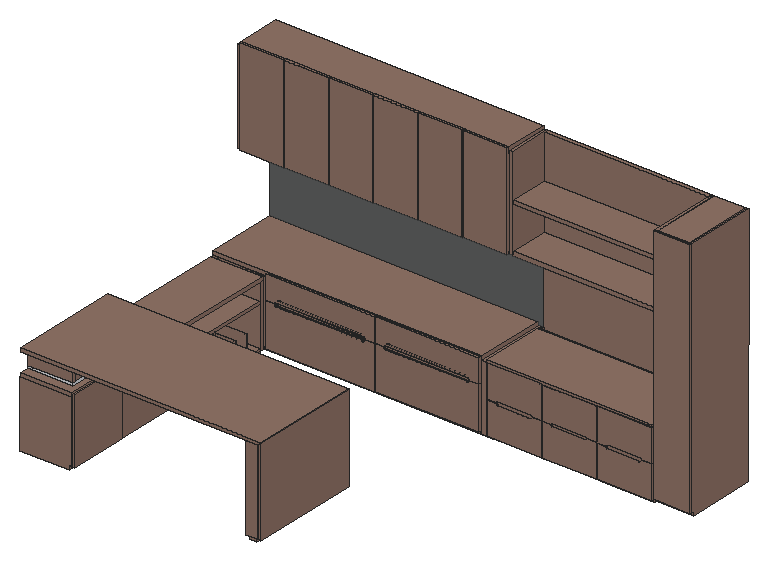
Revit family "T100020", category Furniture, Revit 2022 (continued)
Definition of nested family "OFS SLATE WALLMOUNT PANEL WITH SHELF VENEER PARTIAL HEIGHT C"
  Forms (in)
    Extrusion 1, solid, material <- "Chasis"
      sketch origin (0, 0, 0) x (1, 0, 0) y (0, 1, 0)
        loop
          line (-27, 12) -> (-27, 10.8125) -> (27, 10.8125) -> (27, 12) -> (-27, 12)
      from 22 to 80.6875
    Extrusion 2, solid, material <- "Chasis"
      sketch origin (0, 4.875, 0) x (1, 0, 0) y (0, 0, 1)
        loop
          line (-27, 51.375) -> (-27, 50.1875) -> (25, 50.1875) -> (25, 51.375) -> (-27, 51.375)
      from -5.9375 to 7.125
    Extrusion 3, solid, material <- "Chasis", visible <- "C6J"
      sketch origin (-1.04587, 4.875, 11.95434) x (1, 0, 0) y (0, 0, 1)
        loop
          line (-25.95413, 54.48316) -> (-25.95413, 53.29566) -> (26.04587, 53.29566) -> (26.04587, 54.48316) -> (-25.95413, 54.48316)
      from -5.9375 to 7.125
  Dimensions and locks (in)
    equal spacing: plane 5 "Front", plane 1 "Center Front/Back", plane 4 "Back"
    "Depth": plane 4 "Back" to plane 5 "Front"
    equal spacing: plane 6 "Left", plane 3 "Center Left/Right", plane 7 "Right"
    "Width": plane 6 "Left" to plane 7 "Right"
    "Back Board Thickness": plane 10 to plane 4 "Back"
    "Height From Floor": plane 9 to plane 2 "Bottom"
    "Height": plane 8 to plane 9
    "Left Gap": plane 13 to plane 6 "Left"
    "Right Gap": plane 14 to plane 7 "Right"
    locked: plane 15 to plane 16 at 1.1875
    "SH1": plane 8 to plane 15
    locked: plane 11 to plane 12 at 1.1875
    "SH2": plane 8 to plane 11
    aligned and locked: level to plane 2 "Bottom"
    aligned and locked: plane 4 "Back" to Extrusion 1 sketch curve
    aligned and locked: Extrusion 1 sketch curve to plane 10
    aligned and locked: Extrusion 1 to plane 7 "Right"
    aligned and locked: Extrusion 1 to plane 6 "Left"
    aligned and locked: plane 8 to Extrusion 1
    aligned and locked: Extrusion 1 to plane 9
    aligned and locked: Extrusion 2 to plane 12
    aligned and locked: plane 11 to Extrusion 2
    aligned and locked: Extrusion 2 to plane 10
    aligned and locked: Extrusion 2 to plane 5 "Front"
    aligned and locked: Extrusion 2 to plane 13
    aligned and locked: Extrusion 2 to plane 14
    aligned and locked: plane 15 to Extrusion 3
    aligned and locked: Extrusion 3 to plane 16
    aligned and locked: Extrusion 3 to plane 13
    aligned and locked: Extrusion 3 to plane 14
    aligned and locked: Extrusion 3 to plane 10
    aligned and locked: Extrusion 3 to plane 5 "Front"
  Automatic sketch dimensions
    Extrusion 1 sketch curve to plane 6 "Left" = 0"
    Extrusion 1 sketch curve to plane 7 "Right" = 0"
    Extrusion 2 sketch curve to plane 12 = 0"
    Extrusion 2 sketch curve to plane 13 = 0"
    plane 7 "Right" to Extrusion 2 sketch curve = 2"
    Extrusion 2 sketch curve to plane 11 = 0"
    plane 6 "Left" to Extrusion 3 sketch curve = 0"
    plane 7 "Right" to Extrusion 3 sketch curve = 2"
    Extrusion 3 sketch curve to plane 16 = 0"
    Extrusion 3 sketch curve to Extrusion 3 sketch curve = 1 3/16"
Definition of nested family "OFS SLATE LOW HEIGHT CONSOLE RETURN"
  Parameters (values of type "Low Height Console Return 78W - Right")
    Width = 78"
    URL = "http://www.ofs.com/"
    Type = 1
    Shelf [instance] = none
    Right = Type = 2  # no
    Length 3 = if(Width = 66", 4.63", if(Width = 72", 5.01", if(Width = 78", 5.39", 4.63")))  # 5.39"
    Length 2 = if(Width = 66", 8.53", if(Width = 72", 9.28", if(Width = 78", 10.03", 8.53")))  # 10.03"
    Length 1 = if(Width = 66", 12.41", if(Width = 72", 13.54", if(Width = 78", 14.67", 12.41")))  # 14.67"
    Left = Type = 1  # yes
    Glide [instance] = none
    Door [instance] = none
    Description = "OFS SLATE Low Height Console Return 78W Right Side"
    Model = "CA-7818RCONL-1"
    Manufacturer = "CAROLINA"
    Default Elevation = 0"
    Copyright © = "© 2019 OFS"
    Catalog = "https://ofs.com/products/tables/conference/slate"
    Case [instance] = none
    Bookshelf [instance] = none
    Authoring Version = "Autodesk Revit Architecture 2014"
    Assembly Code = "E2020200"
  Types (6): name | Width | Type | Right | Length 3 | Length 2 | Length 1 | Left | Description | Model
    Low Height Console Return 78W - Right | 78" | 1 | no | 5.39" | 10.03" | 14.67" | yes | "OFS SLATE Low Height Console Return 78W Right Side" | "CA-7818RCONL-1"
    Low Height Console Return 72W - Right | 72" | 1 | no | 5.01" | 9.28" | 13.54" | yes | "OFS SLATE Low Height Console Return 72W Right Side" | "CA-7218RCONL-1"
    Low Height Console Return 66W - Right | 66" | 1 | no | 4.63" | 8.53" | 12.41" | yes | "OFS SLATE Low Height Console Return 66W Right Side" | "CA-6618RCONL-1"
    Low Height Console Return 78W - Left | 78" | 2 | yes | 5.39" | 10.03" | 14.67" | no | "OFS SLATE Low Height Console Return 78W Left Side" | "CA-7818LCONL-1"
    Low Height Console Return 72W - Left | 72" | 2 | yes | 5.01" | 9.28" | 13.54" | no | "OFS SLATE Low Height Console Return 72W Left Side" | "CA-7218LCONL-1"
    Low Height Console Return 66W - Left | 66" | 2 | yes | 4.63" | 8.53" | 12.41" | no | "OFS SLATE Low Height Console Return 66W Left Side" | "CA-6618LCONL-1"
  Reference planes (in)
    plane 1 "Center (Front/Back)": y = 0
    plane 2: z = 0
    plane 3 "Center (Left/Right)": x = 0
    plane 4 "rrr": through (-2.45771, -5.50063, 16.56517) normal (0.0223, 0.0194, 0.9996)
    plane 5: x = -78
    plane 6: x = -39
    plane 7: z = 0.45
    plane 8: z = 23.2
    plane 9 "Face": y = -17
    plane 10: y = -17.08661
    plane 11: y = -17.83661
    plane 12: x = -77.25
    plane 13: x = -0.75
    plane 14: z = 2.45
    plane 15: z = 22.0125
    plane 16: z = 1.7
    plane 17: y = -0.75
    plane 18: z = 16.325
    plane 19: z = 15.575
    plane 20: x = -58.5
    plane 21: x = -39.0625
    plane 22: x = -77.9375
    plane 23: x = -19.6875
    plane 24: x = -0.375
    plane 25: x = -14.67
    plane 26: x = -10.03
    plane 27: x = -5.39
    plane 28 "RFR": x = -1.3909
    plane 29 "RFL": x = -76.6091
    plane 30: x = 78
    plane 31: x = 39
    plane 32: x = 77.25
    plane 33: x = 0.75
    plane 34: x = 58.5
    plane 35: x = 39.0625
    plane 36: x = 77.9375
    plane 37: x = 19.6875
    plane 38: x = 0.375
    plane 39: x = 14.67
    plane 40: x = 10.03
    plane 41: x = 5.39
    plane 42: x = 1.3909
    plane 43 "RF": x = 76.6091
  Forms (in)
    Extrusion 1, solid, material <- "Case", visible <- "Left"
      sketch origin (0, 0, 0) x (0, 1, 0) y (0, 0, 1)
        loop
          line (0, 23.2) -> (-17, 23.2) -> (-17, 22.0125) -> (0, 22.0125) -> (0, 23.2)
      from -78 to 0
    Extrusion 2, solid, material <- "Case", visible <- "Left"
      sketch origin (0, 0, 0) x (0, 1, 0) y (0, 0, 1)
        loop
          line (0, 22.0125) -> (-0.75, 22.0125) -> (-0.75, 1.7) -> (0, 1.7) -> (0, 22.0125)
      from -0.75 to -77.25
    Extrusion 3, solid, material <- "Case", visible <- "Left"
      sketch origin (0, 0, 0) x (0, 1, 0) y (0, 0, 1)
        loop
          line (0, 22.0125) -> (-17, 22.0125) -> (-17, 1.7) -> (-16.125, 1.7) -> (-16.125, 0.45) -> (0, 0.45) -> (0, 22.0125)
      from 0 to -0.75
    Extrusion 4, solid, material <- "Case", visible <- "Left"
      sketch origin (-78, -17, 47.24409) x (0, -1, 0) y (0, 0, 1)
        loop
          line (-17, -25.23159) -> (-17, -46.79409) -> (-0.875, -46.79409) -> (-0.875, -45.54409) -> (0, -45.54409) -> (0, -25.23159) -> (-17, -25.23159)
      from 0 to -0.75
    Extrusion 5, solid, material <- "Case", visible <- "Left"
      sketch origin (0, 0, 0) x (0, 1, 0) y (0, 0, 1)
        loop
          line (0, 1.7) -> (-0.75, 1.7) -> (-0.75, 0.45) -> (0, 0.45) -> (0, 1.7)
        loop
          line (-16.125, 1.7) -> (-16.125, 0.45) -> (-15.375, 0.45) -> (-15.375, 1.7) -> (-16.125, 1.7)
      from -0.75 to -77.25
    Extrusion 6, solid, material <- "Case", visible <- "Left"
      sketch origin (0, 0, 0) x (1, 0, 0) y (0, 1, 0)
        loop
          line (-75.75, -2.25) -> (-75.75, -0.75) -> (-77.25, -0.75) -> (-77.25, -2.25) -> (-75.75, -2.25)
        loop
          line (-75.75, -13.875) -> (-77.25, -13.875) -> (-77.25, -15.375) -> (-75.75, -15.375) -> (-75.75, -13.875)
        loop
          line (-2.25, -2.25) -> (-0.75, -2.25) -> (-0.75, -0.75) -> (-2.25, -0.75) -> (-2.25, -2.25)
        loop
          line (-2.25, -13.875) -> (-2.25, -15.375) -> (-0.75, -15.375) -> (-0.75, -13.875) -> (-2.25, -13.875)
      from 0.45 to 1.7
    Extrusion 7, solid, material <- "Case", visible <- "Left"
      sketch origin (0, 0, 0) x (0, 1, 0) y (0, 0, 1)
        loop
          line (-0.75, 2.45) -> (-17, 2.45) -> (-17, 1.7) -> (-0.75, 1.7) -> (-0.75, 2.45)
      from -0.75 to -77.25
    Extrusion 8, solid, material <- "Case", visible <- "Left"
      sketch origin (0, -17, 0) x (0, 0, -1) y (-1, 0, 0)
        loop
          line (-22.0125, 39.375) -> (-22.0125, 38.625) -> (-2.45, 38.625) -> (-2.45, 39.375) -> (-22.0125, 39.375)
      from 0 to 16.25
    Extrusion 9, solid, material <- "Shelf", visible <- "Left"
      sketch origin (0, -17, 0) x (0, 0, -1) y (-1, 0, 0)
        loop
          line (-16.325, 38.625) -> (-16.325, 0.75) -> (-15.575, 0.75) -> (-15.575, 38.625) -> (-16.325, 38.625)
      from 0 to 16.25
    Extrusion 10, solid, material <- "Door", visible <- "Left"
      sketch origin (0, 0, 0) x (0, 1, 0) y (0, 0, 1)
        loop
          line (-17.83661, 1.7) -> (-17.08661, 1.7) -> (-17.08661, 22.69928) -> (-17.48823, 23.10089) -> (-17.57661, 23.1375) -> (-17.83661, 23.1375) -> (-17.83661, 1.7)
      from -77.9375 to -39.0625
    Sweep 11, void
      path origin (0, -17, 0) x (0, 0, -1) y (-1, 0, 0)
        loop
          line (-23.2, 58.5) -> (-1.7, 58.5)
      profile origin (-58.5, -17, 12.45) x (0, 1, 0) y (-1, 0, 0)
        loop
          line (-0.83661, 0.03125) -> (-0.83661, -0.03125) -> (-0.08661, -0.03125) -> (-0.08661, 0.03125) -> (-0.83661, 0.03125)
    Extrusion 12, solid, material <- "Bookshelf", visible <- "Left"
      sketch origin (0, -17, 0) x (0, 0, -1) y (-1, 0, 0)
        loop
          line (-15.575, 20.0625) -> (-15.575, 19.3125) -> (-2.45, 19.3125) -> (-2.45, 20.0625) -> (-15.575, 20.0625)
      from 0 to 16.25
    Extrusion 13, solid, material <- "Bookshelf", visible <- "Left"
      sketch origin (0, -17, 0) x (0, 0, -1) y (-1, 0, 0)
        loop
          line (-8.45, 14.73438) -> (-8.45, 14.60937) -> (-2.45, 14.60937) -> (-2.45, 14.73438) -> (-8.45, 14.73438)
      from 0.75 to 16.25
    Extrusion 14, solid, material <- "Bookshelf", visible <- "Left"
      sketch origin (0, -17, 0) x (0, 0, -1) y (-1, 0, 0)
        loop
          line (-8.45, 10.09375) -> (-8.45, 9.96875) -> (-2.45, 9.96875) -> (-2.45, 10.09375) -> (-8.45, 10.09375)
      from 0.75 to 16.25
    Extrusion 15, solid, material <- "Bookshelf", visible <- "Left"
      sketch origin (0, -17, 0) x (0, 0, -1) y (-1, 0, 0)
        loop
          line (-8.45, 5.45313) -> (-8.45, 5.32812) -> (-2.45, 5.32812) -> (-2.45, 5.45313) -> (-8.45, 5.45313)
      from 0.75 to 16.25
    Revolve 16, solid, material <- "Glide", visible <- "Left"
      sketch origin (-76.6091, 0, 0) x (0, -1, 0) y (0, 0, 1)
        loop
          line (1.37544, 0) -> (1.62044, 0)
          arc (1.62044, 0) -> (1.74854, 0.10784) -> (1.66411, 0.25244) r 0.13
          line (1.66411, 0.25244) -> (1.66411, 0.45) -> (1.37544, 0.45) -> (1.37544, 0)
        axis (1.37544, 0) -> (1.37544, 0.45)
      angle from 0 to 360
    Revolve 17, solid, material <- "Glide", visible <- "Left"
      sketch origin (-76.6091, -13.37412, 0) x (0, -1, 0) y (0, 0, 1)
        loop
          line (1.37544, 0) -> (1.62044, 0)
          arc (1.62044, 0) -> (1.74854, 0.10784) -> (1.66411, 0.25244) r 0.13
          line (1.66411, 0.25244) -> (1.66411, 0.45) -> (1.37544, 0.45) -> (1.37544, 0)
        axis (1.37544, 0) -> (1.37544, 0.45)
      angle from 0 to 360
    Revolve 18, solid, material <- "Glide", visible <- "Left"
      sketch origin (-1.3909, -1.00234, 47.24409) x (0, -1, 0) y (0, 0, 1)
        loop
          line (0.3731, -47.24409) -> (0.6181, -47.24409)
          arc (0.6181, -47.24409) -> (0.74619, -47.13626) -> (0.66177, -46.99165) r 0.13
          line (0.66177, -46.99165) -> (0.66177, -46.79409) -> (0.3731, -46.79409) -> (0.3731, -47.24409)
        axis (0.3731, -47.24409) -> (0.3731, -46.79409)
      angle from 0 to 360
    Revolve 19, solid, material <- "Glide", visible <- "Left"
      sketch origin (-1.3909, -1.00234, 47.24409) x (0, -1, 0) y (0, 0, 1)
        loop
          line (13.74722, -47.24409) -> (13.99222, -47.24409)
          arc (13.99222, -47.24409) -> (14.12032, -47.13626) -> (14.0359, -46.99165) r 0.13
          line (14.0359, -46.99165) -> (14.0359, -46.79409) -> (13.74722, -46.79409) -> (13.74722, -47.24409)
        axis (13.74722, -47.24409) -> (13.74722, -46.79409)
      angle from 0 to 360
    Extrusion 20, solid, material <- "Door", visible <- "Right"
      sketch origin (0, 0, 0) x (0, 1, 0) y (0, 0, -1)
        loop
          line (-17.83661, -1.7) -> (-17.83661, -23.1375) -> (-17.57661, -23.1375) -> (-17.48823, -23.10089) -> (-17.08661, -22.69928) -> (-17.08661, -1.7) -> (-17.83661, -1.7)
      from -77.9375 to -39.0625
    Extrusion 21, solid, material <- "Case", visible <- "Right"
      sketch origin (0, 0, 0) x (-1, 0, 0) y (0, -1, 0)
        loop
          line (-75.75, 2.25) -> (-77.25, 2.25) -> (-77.25, 0.75) -> (-75.75, 0.75) -> (-75.75, 2.25)
        loop
          line (-75.75, 13.875) -> (-75.75, 15.375) -> (-77.25, 15.375) -> (-77.25, 13.875) -> (-75.75, 13.875)
        loop
          line (-2.25, 2.25) -> (-2.25, 0.75) -> (-0.75, 0.75) -> (-0.75, 2.25) -> (-2.25, 2.25)
        loop
          line (-2.25, 13.875) -> (-0.75, 13.875) -> (-0.75, 15.375) -> (-2.25, 15.375) -> (-2.25, 13.875)
      from 0.45 to 1.7
    Revolve 22, solid, material <- "Glide", visible <- "Right"
      sketch origin (76.6091, 0, 0) x (0, -1, 0) y (0, 0, 1)
        loop
          line (1.37544, 0) -> (1.62044, 0)
          arc (1.62044, 0) -> (1.74854, 0.10784) -> (1.66411, 0.25244) r 0.13
          line (1.66411, 0.25244) -> (1.66411, 0.45) -> (1.37544, 0.45) -> (1.37544, 0)
        axis (1.37544, 0) -> (1.37544, 0.45)
      angle from 0 to 360
    Revolve 23, solid, material <- "Glide", visible <- "Right"
      sketch origin (76.6091, 0, 0) x (0, -1, 0) y (0, 0, 1)
        loop
          line (14.74956, 0) -> (14.99456, 0)
          arc (14.99456, 0) -> (15.12266, 0.10784) -> (15.03824, 0.25244) r 0.13
          line (15.03824, 0.25244) -> (15.03824, 0.45) -> (14.74956, 0.45) -> (14.74956, 0)
        axis (14.74956, 0) -> (14.74956, 0.45)
      angle from 0 to 360
    Revolve 24, solid, material <- "Glide", visible <- "Right"
      sketch origin (1.3909, -1.00234, 47.24409) x (0, -1, 0) y (0, 0, -1)
        loop
          line (0.3731, 47.24409) -> (0.3731, 46.79409) -> (0.66177, 46.79409) -> (0.66177, 46.99165)
          arc (0.66177, 46.99165) -> (0.74619, 47.13626) -> (0.6181, 47.24409) r 0.13
          line (0.6181, 47.24409) -> (0.3731, 47.24409)
        axis (0.3731, 47.24409) -> (0.3731, 46.79409)
      angle from 0 to 360
    Revolve 25, solid, material <- "Glide", visible <- "Right"
      sketch origin (1.3909, -1.00234, 47.24409) x (0, -1, 0) y (0, 0, -1)
        loop
          line (13.74722, 47.24409) -> (13.74722, 46.79409) -> (14.0359, 46.79409) -> (14.0359, 46.99165)
          arc (14.0359, 46.99165) -> (14.12032, 47.13626) -> (13.99222, 47.24409) r 0.13
          line (13.99222, 47.24409) -> (13.74722, 47.24409)
        axis (13.74722, 47.24409) -> (13.74722, 46.79409)
      angle from 0 to 360
    Extrusion 26, solid, material <- "Case", visible <- "Right"
      sketch origin (0, 0, 0) x (0, 1, 0) y (0, 0, -1)
        loop
          line (0, -1.7) -> (0, -0.45) -> (-0.75, -0.45) -> (-0.75, -1.7) -> (0, -1.7)
        loop
          line (-16.125, -1.7) -> (-15.375, -1.7) -> (-15.375, -0.45) -> (-16.125, -0.45) -> (-16.125, -1.7)
      from -0.75 to -77.25
    Extrusion 27, solid, material <- "Case", visible <- "Right"
      sketch origin (0, 0, 0) x (0, 1, 0) y (0, 0, -1)
        loop
          line (0, -22.0125) -> (0, -0.45) -> (-16.125, -0.45) -> (-16.125, -1.7) -> (-17, -1.7) -> (-17, -22.0125) -> (0, -22.0125)
      from 0 to -0.75
    Extrusion 28, solid, material <- "Bookshelf", visible <- "Right"
      sketch origin (0, -17, 0) x (0, 0, -1) y (-1, 0, 0)
        loop
          line (-8.45, -14.73438) -> (-2.45, -14.73438) -> (-2.45, -14.60937) -> (-8.45, -14.60937) -> (-8.45, -14.73438)
      from 0.75 to 16.25
    Extrusion 29, solid, material <- "Bookshelf", visible <- "Right"
      sketch origin (0, -17, 0) x (0, 0, -1) y (-1, 0, 0)
        loop
          line (-8.45, -10.09375) -> (-2.45, -10.09375) -> (-2.45, -9.96875) -> (-8.45, -9.96875) -> (-8.45, -10.09375)
      from 0.75 to 16.25
    Extrusion 30, solid, material <- "Bookshelf", visible <- "Right"
      sketch origin (0, -17, 0) x (0, 0, -1) y (-1, 0, 0)
        loop
          line (-8.45, -5.45313) -> (-2.45, -5.45313) -> (-2.45, -5.32812) -> (-8.45, -5.32812) -> (-8.45, -5.45313)
      from 0.75 to 16.25
    Extrusion 31, solid, material <- "Case", visible <- "Right"
      sketch origin (0, -17, 0) x (0, 0, -1) y (-1, 0, 0)
        loop
          line (-22.0125, -39.375) -> (-2.45, -39.375) -> (-2.45, -38.625) -> (-22.0125, -38.625) -> (-22.0125, -39.375)
      from 0 to 16.25
    Extrusion 32, solid, material <- "Bookshelf", visible <- "Right"
      sketch origin (0, -17, 0) x (0, 0, -1) y (-1, 0, 0)
        loop
          line (-15.575, -20.0625) -> (-2.45, -20.0625) -> (-2.45, -19.3125) -> (-15.575, -19.3125) -> (-15.575, -20.0625)
      from 0 to 16.25
    Extrusion 33, solid, material <- "Case", visible <- "Right"
      sketch origin (78, -17, 47.24409) x (0, -1, 0) y (0, 0, -1)
        loop
          line (-17, 25.23159) -> (0, 25.23159) -> (0, 45.54409) -> (-0.875, 45.54409) -> (-0.875, 46.79409) -> (-17, 46.79409) -> (-17, 25.23159)
      from 0 to -0.75
    Extrusion 34, solid, material <- "Case", visible <- "Right"
      sketch origin (0, 0, 0) x (0, 1, 0) y (0, 0, -1)
        loop
          line (0, -23.2) -> (0, -22.0125) -> (-17, -22.0125) -> (-17, -23.2) -> (0, -23.2)
      from -78 to 0
    Extrusion 35, solid, material <- "Case", visible <- "Right"
      sketch origin (0, 0, 0) x (0, 1, 0) y (0, 0, -1)
        loop
          line (0, -22.0125) -> (0, -1.7) -> (-0.75, -1.7) -> (-0.75, -22.0125) -> (0, -22.0125)
      from -0.75 to -77.25
    Extrusion 36, solid, material <- "Case", visible <- "Right"
      sketch origin (0, 0, 0) x (0, 1, 0) y (0, 0, -1)
        loop
          line (-0.75, -2.45) -> (-0.75, -1.7) -> (-17, -1.7) -> (-17, -2.45) -> (-0.75, -2.45)
      from -0.75 to -77.25
    Extrusion 37, solid, material <- "Shelf", visible <- "Right"
      sketch origin (0, -17, 0) x (0, 0, -1) y (-1, 0, 0)
        loop
          line (-16.325, -38.625) -> (-15.575, -38.625) -> (-15.575, -0.75) -> (-16.325, -0.75) -> (-16.325, -38.625)
      from 0 to 16.25
    Sweep 38, void
      path origin (117, -17, 0) x (0, 0, -1) y (-1, 0, 0)
        loop
          line (-23.2, 58.5) -> (-1.7, 58.5)
      profile origin (58.5, -17, 12.45) x (0, 1, 0) y (-1, 0, 0)
        loop
          line (-0.83661, 0.03125) -> (-0.83661, -0.03125) -> (-0.08661, -0.03125) -> (-0.08661, 0.03125) -> (-0.83661, 0.03125)
  Cuts and joins
    Sweep 11, Sweep 38 cuts Extrusion 10
    Sweep 38 cuts Extrusion 20
  Lines and regions (in)
    Masking region 1, visible <- "Left"
      outline origin (0, 0, 0) x (1, 0, 0) y (0, 1, 0)
        loop
          line (-78, 0) -> (-78, -17) -> (0, -17) -> (0, 0) -> (-78, 0)
    Masking region 2, visible <- "Left"
      outline origin (0, 0, 0) x (1, 0, 0) y (0, 1, 0)
        loop
          line (-77.9375, -17.08661) -> (-77.9375, -17.83661) -> (-39.0625, -17.83661) -> (-39.0625, -17.08661) -> (-77.9375, -17.08661)
    Masking region 3, visible <- "Right"
      outline origin (0, 0, 0) x (0, 1, 0) y (-1, 0, 0)
        loop
          line (0, -78) -> (0, 0) -> (-17, 0) -> (-17, -78) -> (0, -78)
    Masking region 4, visible <- "Right"
      outline origin (0, 0, 0) x (0, 1, 0) y (-1, 0, 0)
        loop
          line (-17.08661, -77.9375) -> (-17.08661, -39.0625) -> (-17.83661, -39.0625) -> (-17.83661, -77.9375) -> (-17.08661, -77.9375)
  Dimensions and locks (in)
    "Width": plane 5 to plane 3 "Center (Left/Right)"
    equal spacing: plane 5, plane 6, plane 3 "Center (Left/Right)"
    locked: plane 13 to plane 3 "Center (Left/Right)" at 0.75
    plane 5 to plane 12 to plane 29 "RFL" = 3/4" locked, 0.6409" locked
    equal spacing: plane 5, plane 20, plane 6
    locked: plane 5 to plane 22 at 0.0625
    locked: plane 21 to plane 6 at 0.0625
    Sweep 11 sketch curve to profile plane to Sweep 11 sketch curve = 1/32" locked, 1/32" locked
    equal spacing: plane 6, plane 23, plane 24
    "Length 1": plane 25 to plane 3 "Center (Left/Right)"
    "Length 2": plane 26 to plane 3 "Center (Left/Right)"
    "Length 3": plane 27 to plane 3 "Center (Left/Right)"
    equal spacing: plane 30, plane 31, plane 3 "Center (Left/Right)"
    plane 30 to plane 32 to plane 43 "RF" = 3/4" locked, 0.6409" locked
    equal spacing: plane 30, plane 34, plane 31
    locked: plane 30 to plane 36 at 0.0625
    locked: plane 35 to plane 31 at 0.0625
    equal spacing: plane 31, plane 37, plane 38
    "Width": plane 3 "Center (Left/Right)" to plane 30
    "Length 3": plane 41 to plane 3 "Center (Left/Right)"
    "Length 2": plane 40 to plane 3 "Center (Left/Right)"
    "Length 1": plane 39 to plane 3 "Center (Left/Right)"
    Sweep 38 sketch curve to profile plane to Sweep 38 sketch curve = 1/32" locked, 1/32" locked
    aligned and locked: plane 2 to level
    aligned and locked: plane 8 to Extrusion 1 sketch curve
    aligned and locked: plane 9 "Face" to Extrusion 1 sketch curve
    aligned and locked: plane 1 "Center (Front/Back)" to Extrusion 1 sketch curve
    aligned and locked: plane 3 "Center (Left/Right)" to Extrusion 1
    aligned and locked: plane 5 to Extrusion 1
    aligned and locked: Extrusion 1 sketch curve to plane 15
    aligned and locked: Extrusion 2 sketch curve to plane 15
    aligned and locked: Extrusion 2 sketch curve to plane 16
    aligned and locked: Extrusion 2 sketch curve to plane 17
    aligned and locked: plane 1 "Center (Front/Back)" to Extrusion 2 sketch curve
    aligned and locked: plane 12 to Extrusion 2
    aligned and locked: plane 13 to Extrusion 2
    aligned and locked: Extrusion 3 sketch curve to plane 15
    aligned and locked: plane 9 "Face" to Extrusion 3 sketch curve
    aligned and locked: plane 1 "Center (Front/Back)" to Extrusion 3 sketch curve
    aligned and locked: Extrusion 3 sketch curve to plane 7
    aligned and locked: Extrusion 3 sketch curve to plane 16
    aligned and locked: plane 3 "Center (Left/Right)" to Extrusion 3
    aligned and locked: Extrusion 3 to plane 13
    aligned and locked: Extrusion 4 to plane 12
    aligned and locked: plane 5 to Extrusion 4
    aligned and locked: plane 1 "Center (Front/Back)" to Extrusion 5 sketch curve
    aligned and locked: plane 16 to Extrusion 5 sketch curve
    aligned and locked: Extrusion 5 sketch curve to plane 17
    aligned and locked: Extrusion 5 sketch curve to plane 7
    aligned and locked: Extrusion 5 sketch curve to plane 16
    aligned and locked: plane 7 to Extrusion 5 sketch curve
    aligned and locked: plane 13 to Extrusion 5
    aligned and locked: plane 12 to Extrusion 5
    aligned and locked: Extrusion 6 sketch curve to plane 13
    aligned and locked: plane 13 to Extrusion 6 sketch curve
    aligned and locked: Extrusion 6 sketch curve to plane 17
    aligned and locked: plane 17 to Extrusion 6 sketch curve
    aligned and locked: Extrusion 6 sketch curve to plane 12
    aligned and locked: plane 12 to Extrusion 6 sketch curve
    aligned and locked: Extrusion 6 to plane 16
    aligned and locked: plane 7 to Extrusion 6
    aligned and locked: plane 14 to Extrusion 7 sketch curve
    aligned and locked: plane 9 "Face" to Extrusion 7 sketch curve
    aligned and locked: plane 17 to Extrusion 7 sketch curve
    aligned and locked: Extrusion 7 sketch curve to plane 16
    aligned and locked: plane 13 to Extrusion 7
    aligned and locked: plane 12 to Extrusion 7
    aligned and locked: Extrusion 8 sketch curve to plane 15
    aligned and locked: Extrusion 8 sketch curve to plane 14
    aligned and locked: Extrusion 8 to plane 17
    aligned and locked: Extrusion 9 sketch curve to plane 13
    aligned and locked: plane 19 to Extrusion 9 sketch curve
    aligned and locked: Extrusion 9 sketch curve to plane 18
    aligned and locked: Extrusion 8 to Extrusion 9 sketch curve
    aligned and locked: Extrusion 9 to plane 17
    aligned and locked: plane 11 to Extrusion 10 sketch curve
    aligned and locked: plane 10 to Extrusion 10 sketch curve
    aligned and locked: plane 16 to Extrusion 10 sketch curve
    aligned and locked: Extrusion 10 to plane 21
    aligned and locked: plane 22 to Extrusion 10
    aligned and locked: plane 20 to Sweep 11 sketch curve
    aligned and locked: plane 8 to Sweep 11 sketch curve
    aligned and locked: plane 16 to Sweep 11 sketch curve
    aligned and locked: plane 10 to Sweep 11 sketch curve
    aligned and locked: Sweep 11 sketch curve to plane 11
    aligned and locked: Extrusion 12 sketch curve to plane 19
    aligned and locked: Extrusion 12 sketch curve to plane 14
    aligned and locked: Extrusion 12 to plane 17
    aligned and locked: Extrusion 13 sketch curve to plane 14
    aligned and locked: Extrusion 14 sketch curve to plane 14
    aligned and locked: Extrusion 13 to Extrusion 14 sketch curve
    aligned and locked: Extrusion 15 sketch curve to plane 14
    aligned and locked: Extrusion 14 to Extrusion 15 sketch curve
    aligned and locked: Extrusion 13 to plane 17
    aligned and locked: Extrusion 14 to plane 17
    aligned and locked: Extrusion 15 to plane 17
    aligned and locked: plane 11 to nested 1
    aligned and locked: nested 1 to plane 6
    aligned and locked: plane 1 "Center (Front/Back)" to Masking region 1 sketch curve
    aligned and locked: Masking region 1 sketch curve to plane 5
    aligned and locked: plane 9 "Face" to Masking region 1 sketch curve
    aligned and locked: Masking region 1 sketch curve to plane 3 "Center (Left/Right)"
    aligned and locked: Masking region 2 sketch curve to plane 10
    aligned and locked: plane 21 to Masking region 2 sketch curve
    aligned and locked: Masking region 2 sketch curve to plane 22
    aligned and locked: plane 11 to Masking region 2 sketch curve
    aligned and locked: plane 31 to nested 2
    aligned and locked: Extrusion 28 to Extrusion 29 sketch curve
    aligned and locked: Extrusion 29 to Extrusion 30 sketch curve
    aligned and locked: Extrusion 20 to plane 35
    aligned and locked: plane 36 to Extrusion 20
    aligned and locked: Extrusion 33 to plane 32
    aligned and locked: plane 30 to Extrusion 34
    aligned and locked: plane 32 to Extrusion 36
    aligned and locked: plane 30 to Extrusion 33
    aligned and locked: plane 32 to Extrusion 26
    aligned and locked: plane 32 to Extrusion 35
    aligned and locked: plane 34 to Sweep 38 sketch curve
  Automatic sketch dimensions
    plane 9 "Face" to Extrusion 3 sketch curve = 7/8"
    Extrusion 4 sketch curve to plane 1 "Center (Front/Back)" = 0"
    plane 16 to Extrusion 4 sketch curve = 0"
    plane 7 to Extrusion 4 sketch curve = 0"
    Extrusion 4 sketch curve to plane 9 "Face" = 0"
    Extrusion 4 sketch curve to plane 15 = 0"
    Extrusion 4 sketch curve to Extrusion 4 sketch curve = 7/8"
    plane 9 "Face" to Extrusion 5 sketch curve = 1 5/8"
    Extrusion 5 sketch curve to Extrusion 5 sketch curve = 3/4"
    Extrusion 6 sketch curve to plane 29 "RFL" = 0.8591"  (x2)
    plane 28 "RFR" to Extrusion 6 sketch curve = 0.8591"  (x2)
    plane 17 to Extrusion 6 sketch curve = 1 1/2"  (x2)
    plane 9 "Face" to Extrusion 6 sketch curve = 3 1/8"  (x2)
    Extrusion 6 sketch curve to Extrusion 6 sketch curve = 1 1/2"  (x2)
    plane 6 to Extrusion 8 sketch curve = 3/8"
    plane 21 to Extrusion 8 sketch curve = 5/16"
    plane 8 to Extrusion 10 sketch curve = 1/16"
    plane 11 to Extrusion 10 sketch curve = 0.26"
    plane 8 to Extrusion 10 sketch curve = 0.09911"
    Extrusion 10 sketch curve to Extrusion 10 sketch curve = 0.08839"
    plane 8 to Extrusion 10 sketch curve = 0.50072"
    plane 23 to Extrusion 12 sketch curve = 3/8"
    Extrusion 12 sketch curve to plane 23 = 3/8"
    Extrusion 13 sketch curve to plane 25 = 0.06438"
    Extrusion 13 sketch curve to plane 14 = 6"
    plane 25 to Extrusion 13 sketch curve = 0.06063"
    Extrusion 14 sketch curve to plane 26 = 0.06125"
    plane 26 to Extrusion 14 sketch curve = 0.06375"
    Extrusion 15 sketch curve to plane 27 = 0.06188"
    plane 27 to Extrusion 15 sketch curve = 0.06313"
    Revolve 16 sketch curve to level = 0"  (x2)
    plane 7 to Revolve 16 sketch curve = 0"  (x2)
    plane 17 to Revolve 16 sketch curve = 0.62544"
    level to Revolve 16 sketch curve = 0.13"
    Revolve 16 sketch curve to Revolve 16 sketch curve = 0.245"
    Revolve 16 sketch curve to Revolve 16 sketch curve = 0.28868"
    Revolve 16 sketch curve to Revolve 16 sketch curve = 0"
    Revolve 17 sketch curve to level = 0"  (x2)
    plane 7 to Revolve 17 sketch curve = 0"  (x2)
    plane 9 "Face" to Revolve 17 sketch curve = 2.25044"
    level to Revolve 17 sketch curve = 0.13"
    Revolve 17 sketch curve to Revolve 17 sketch curve = 0.245"
    Revolve 17 sketch curve to Revolve 17 sketch curve = 0.28868"
    Revolve 17 sketch curve to Revolve 17 sketch curve = 0"
    Revolve 18 sketch curve to level = 0"  (x2)
    plane 7 to Revolve 18 sketch curve = 0"  (x2)
    plane 17 to Revolve 18 sketch curve = 0.62544"
    level to Revolve 18 sketch curve = 0.13"
    Revolve 18 sketch curve to Revolve 18 sketch curve = 0.245"
    Revolve 18 sketch curve to Revolve 18 sketch curve = 0.28868"
    Revolve 18 sketch curve to Revolve 18 sketch curve = 0"
    Revolve 19 sketch curve to level = 0"  (x2)
    plane 7 to Revolve 19 sketch curve = 0"  (x2)
    plane 9 "Face" to Revolve 19 sketch curve = 2.25044"
    level to Revolve 19 sketch curve = 0.13"
    Revolve 19 sketch curve to Revolve 19 sketch curve = 0.245"
    Revolve 19 sketch curve to Revolve 19 sketch curve = 0.28868"
    Revolve 19 sketch curve to Revolve 19 sketch curve = 0"
    Masking region 3 sketch curve to plane 9 "Face" = 0"
    plane 1 "Center (Front/Back)" to Masking region 3 sketch curve = 0"
    Masking region 3 sketch curve to plane 30 = 0"
    Masking region 3 sketch curve to plane 3 "Center (Left/Right)" = 0"
    Masking region 4 sketch curve to plane 11 = 0"
    Masking region 4 sketch curve to plane 10 = 0"
    Masking region 4 sketch curve to plane 36 = 0"
    Masking region 4 sketch curve to plane 35 = 0"
    Extrusion 20 sketch curve to plane 11 = 0"
    Extrusion 20 sketch curve to plane 10 = 0"
    plane 16 to Extrusion 20 sketch curve = 0"
    plane 8 to Extrusion 20 sketch curve = 1/16"
    plane 11 to Extrusion 20 sketch curve = 0.26"
    plane 8 to Extrusion 20 sketch curve = 0.09911"
    Extrusion 20 sketch curve to Extrusion 20 sketch curve = 0.08839"
    plane 8 to Extrusion 20 sketch curve = 0.50072"
    Extrusion 21 sketch curve to plane 32 = 0"  (x2)
    plane 17 to Extrusion 21 sketch curve = 0"  (x2)
    Extrusion 21 sketch curve to plane 33 = 0"  (x2)
    plane 43 "RF" to Extrusion 21 sketch curve = 0.8591"  (x2)
    Extrusion 21 sketch curve to plane 42 = 0.8591"  (x2)
    Extrusion 21 sketch curve to Extrusion 21 sketch curve = 1 1/2"  (x3)
    Extrusion 21 sketch curve to plane 17 = 1 1/2"
    Extrusion 21 sketch curve to plane 9 "Face" = 3 1/8"  (x2)
    Revolve 22 sketch curve to level = 0"  (x2)
    plane 7 to Revolve 22 sketch curve = 0"  (x2)
    Revolve 22 sketch curve to plane 17 = 0.62544"
    Revolve 22 sketch curve to level = 0.13"
    Revolve 22 sketch curve to Revolve 22 sketch curve = 0.245"
    Revolve 22 sketch curve to Revolve 22 sketch curve = 0.28868"
    Revolve 22 sketch curve to Revolve 22 sketch curve = 0"
    Revolve 23 sketch curve to level = 0"  (x2)
    plane 7 to Revolve 23 sketch curve = 0"  (x2)
    Revolve 23 sketch curve to plane 9 "Face" = 2.25044"
    Revolve 23 sketch curve to level = 0.13"
    Revolve 23 sketch curve to Revolve 23 sketch curve = 0.245"
    Revolve 23 sketch curve to Revolve 23 sketch curve = 0.28868"
    Revolve 23 sketch curve to Revolve 23 sketch curve = 0"
    Revolve 24 sketch curve to level = 0"  (x2)
    plane 7 to Revolve 24 sketch curve = 0"  (x2)
    plane 17 to Revolve 24 sketch curve = 0.62544"
    level to Revolve 24 sketch curve = 0.13"
    Revolve 24 sketch curve to Revolve 24 sketch curve = 0.245"
    Revolve 24 sketch curve to Revolve 24 sketch curve = 0.28868"
    Revolve 24 sketch curve to Revolve 24 sketch curve = 0"
    Revolve 25 sketch curve to level = 0"  (x2)
    plane 7 to Revolve 25 sketch curve = 0"  (x2)
    plane 9 "Face" to Revolve 25 sketch curve = 2.25044"
    level to Revolve 25 sketch curve = 0.13"
    Revolve 25 sketch curve to Revolve 25 sketch curve = 0.245"
    Revolve 25 sketch curve to Revolve 25 sketch curve = 0.28868"
    Revolve 25 sketch curve to Revolve 25 sketch curve = 0"
    plane 7 to Extrusion 26 sketch curve = 0"  (x2)
    plane 16 to Extrusion 26 sketch curve = 0"  (x2)
    Extrusion 26 sketch curve to plane 17 = 0"
    Extrusion 26 sketch curve to plane 1 "Center (Front/Back)" = 0"
    plane 9 "Face" to Extrusion 26 sketch curve = 1 5/8"
    Extrusion 26 sketch curve to Extrusion 26 sketch curve = 3/4"
    Extrusion 27 sketch curve to plane 9 "Face" = 0"
    plane 16 to Extrusion 27 sketch curve = 0"
    plane 7 to Extrusion 27 sketch curve = 0"
    Extrusion 27 sketch curve to plane 1 "Center (Front/Back)" = 0"
    Extrusion 27 sketch curve to plane 15 = 0"
    plane 9 "Face" to Extrusion 27 sketch curve = 7/8"
    Extrusion 28 sketch curve to plane 14 = 0"
    plane 39 to Extrusion 28 sketch curve = 0.06438"
    plane 14 to Extrusion 28 sketch curve = 6"
    Extrusion 28 sketch curve to plane 39 = 0.06063"
    Extrusion 29 sketch curve to plane 14 = 0"
    plane 40 to Extrusion 29 sketch curve = 0.06125"
    Extrusion 29 sketch curve to plane 40 = 0.06375"
    Extrusion 30 sketch curve to plane 14 = 0"
    plane 41 to Extrusion 30 sketch curve = 0.06188"
    Extrusion 30 sketch curve to plane 41 = 0.06313"
    Extrusion 31 sketch curve to plane 15 = 0"
    Extrusion 31 sketch curve to plane 14 = 0"
    Extrusion 31 sketch curve to plane 31 = 3/8"
    Extrusion 31 sketch curve to plane 35 = 5/16"
    Extrusion 32 sketch curve to plane 19 = 0"
    Extrusion 32 sketch curve to plane 14 = 0"
    Extrusion 32 sketch curve to plane 37 = 3/8"
    plane 37 to Extrusion 32 sketch curve = 3/8"
    Extrusion 33 sketch curve to plane 1 "Center (Front/Back)" = 0"
    plane 16 to Extrusion 33 sketch curve = 0"
    plane 7 to Extrusion 33 sketch curve = 0"
    Extrusion 33 sketch curve to plane 9 "Face" = 0"
    Extrusion 33 sketch curve to plane 15 = 0"
    Extrusion 33 sketch curve to Extrusion 33 sketch curve = 7/8"
    plane 8 to Extrusion 34 sketch curve = 0"
    Extrusion 34 sketch curve to plane 9 "Face" = 0"
    Extrusion 34 sketch curve to plane 1 "Center (Front/Back)" = 0"
    Extrusion 34 sketch curve to plane 15 = 0"
    Extrusion 35 sketch curve to plane 15 = 0"
    Extrusion 35 sketch curve to plane 17 = 0"
    Extrusion 35 sketch curve to plane 1 "Center (Front/Back)" = 0"
    plane 16 to Extrusion 35 sketch curve = 0"
    Extrusion 36 sketch curve to plane 9 "Face" = 0"
    plane 16 to Extrusion 36 sketch curve = 0"
    Extrusion 36 sketch curve to plane 17 = 0"
    plane 14 to Extrusion 36 sketch curve = 0"
    Extrusion 37 sketch curve to plane 18 = 0"
    Extrusion 37 sketch curve to plane 19 = 0"
    plane 33 to Extrusion 37 sketch curve = 0"
    Extrusion 37 sketch curve to plane 31 = 3/8"
    Sweep 38 sketch curve to plane 8 = 0"
    Sweep 38 sketch curve to plane 16 = 0"
    Sweep 38 sketch curve to plane 9 "Face" = 0.83661"
    Sweep 38 sketch curve to plane 9 "Face" = 0.08661"
  Nested families (in)
    nested 1: "Tag" at (-39, -17.83661, 0) x (-1, 0, 0) z (0, 0, 1), visible <- "Left", type "Center", detail levels fine
      with Offset (LR) 0", Distance of Center (not Change) 0.11"
    nested 2: "Tag" at (39, -17.83661, 0), visible <- "Right", type "Center", detail levels fine
      with Offset (LR) 0", Distance of Center (not Change) 0.11"
  Definition of nested family "Tag"
    Parameters
      P_Width = 0"
      Text_Width = "Empty"
      Text_Height = "Empty"
      Text_Diameter = "Empty"
      Text_Depth = "Empty"
      Offset (LR) [instance] = 0"
      Model Name = "EK-7168-E"
      P_Height = 0"
      Distance of Center (not Change) = 0"
      P_Diameter = 0"
      P_Depth = 0"
    Reference planes (in)
      plane 1: y = 0
      plane 2: x = 0
    Lines and regions (in)
      reference lines
        curve 1: line (-0.44359, 0, 0) -> (0.41085, 0, 0)
        curve 3: line (0, 0.32564, 0) -> (0, -0.40221, 0)
      reference lines, not visible
        curve 2: line (-0.44359, 0.09843, 0) -> (0.41085, 0.09843, 0)
        curve 4: line (0, 0.42407, 0) -> (0, -0.30379, 0)
    Text (in)
      label "Empty" at (0.00197, -0.0079, 0), shows "Model Name"
      label "Empty" at (0.00197, 0.09052, 0), shows "Model Name", not visible
    Dimensions and locks (in)
      "Distance of Center (not Change)": plane 1 to curve 1
      "Offset (LR)": curve 3 to plane 2
    Automatic sketch dimensions
      curve 1 to curve 3 = 0.44359"
      curve 3 to curve 1 = 0.41085"
      curve 3 to curve 1 = 0.40221"
      curve 1 to curve 3 = 0.32564"
      curve 2 to curve 4 = 0.44359"
      curve 4 to curve 2 = 0.41085"
      curve 4 to curve 2 = 0.40221"
      curve 2 to curve 4 = 0.32564"
Definition of nested family "OFS SLATE WALLMOUNT PANEL GLASS 2H"
  Parameters (values of type "WALLMOUNT PANEL GLASS BOARD 2H 90"")
    Width = 90"
    URL = "http://www.ofs.com/"
    Model = "CA-9027GB"
    Manufacturer = "CAROLINA"
    Height From Floor = 28 1/16"
    Height = 30"
    Default Elevation = 0"
    Back Panel [instance] = none
    Description = "OFS SLATE WALLMOUNT PANEL, 2 Height, Glass Board Finish, 90\" Width, Use between Workwall Credenzas and Wallmount Organizers"
    Depth = 1 3/16"
    Copyright © = "©OFS 2019"
    Catalog = "https://ofs.com/products/tables/conference/slate"
    Glass [instance] = none
    Bottom Board Thickness = 1 1/4"
    Board Thickness = 1 3/16"
    Back Board Thickness = 1 3/16"
    Authoring Version = "Autodesk Revit Architecture 2014"
    Assembly Code = "E2020200"
  Types (14): name | Width | Model | Height | Description
    WALLMOUNT PANEL GLASS BOARD 2H 30" | 30" | "CA-3027GB" | 22 3/16" | "OFS SLATE WALLMOUNT PANEL, 2 Height, Glass Board Finish, 30\" Width, Use between Workwall Credenzas and Wallmount Organizers"
    WALLMOUNT PANEL GLASS BOARD 2H 36" | 36" | "CA-3627GB" | 22 3/16" | "OFS SLATE WALLMOUNT PANEL, 2 Height, Glass Board Finish, 36\" Width, Use between Workwall Credenzas and Wallmount Organizers"
    WALLMOUNT PANEL GLASS BOARD 2H 42" | 42" | "CA-4227GB" | 22 3/16" | "OFS SLATE WALLMOUNT PANEL, 2 Height, Glass Board Finish, 42\" Width, Use between Workwall Credenzas and Wallmount Organizers"
    WALLMOUNT PANEL GLASS BOARD 2H 48" | 48" | "CA-4827GB" | 22 3/16" | "OFS SLATE WALLMOUNT PANEL, 2 Height, Glass Board Finish, 48\" Width, Use between Workwall Credenzas and Wallmount Organizers"
    WALLMOUNT PANEL GLASS BOARD 2H 54" | 54" | "CA-5427GB" | 22 3/16" | "OFS SLATE WALLMOUNT PANEL, 2 Height, Glass Board Finish, 54\" Width, Use between Workwall Credenzas and Wallmount Organizers"
    WALLMOUNT PANEL GLASS BOARD 2H 60" | 60" | "CA-6027GB" | 22 3/16" | "OFS SLATE WALLMOUNT PANEL, 2 Height, Glass Board Finish, 60\" Width, Use between Workwall Credenzas and Wallmount Organizers"
    WALLMOUNT PANEL GLASS BOARD 2H 66" | 66" | "CA-6627GB" | 22 3/16" | "OFS SLATE WALLMOUNT PANEL, 2 Height, Glass Board Finish, 66\" Width, Use between Workwall Credenzas and Wallmount Organizers"
    WALLMOUNT PANEL GLASS BOARD 2H 72" | 72" | "CA-7227GB" | 22 3/16" | "OFS SLATE WALLMOUNT PANEL, 2 Height, Glass Board Finish, 72\" Width, Use between Workwall Credenzas and Wallmount Organizers"
    WALLMOUNT PANEL GLASS BOARD 2H 78" | 78" | "CA-7827GB" | 22 3/16" | "OFS SLATE WALLMOUNT PANEL, 2 Height, Glass Board Finish, 78\" Width, Use between Workwall Credenzas and Wallmount Organizers"
    WALLMOUNT PANEL GLASS BOARD 2H 84" | 84" | "CA-8427GB" | 22 3/16" | "OFS SLATE WALLMOUNT PANEL, 2 Height, Glass Board Finish, 84\" Width, Use between Workwall Credenzas and Wallmount Organizers"
    WALLMOUNT PANEL GLASS BOARD 2H 90" | 90" | "CA-9027GB" | 30" | "OFS SLATE WALLMOUNT PANEL, 2 Height, Glass Board Finish, 90\" Width, Use between Workwall Credenzas and Wallmount Organizers"
    WALLMOUNT PANEL GLASS BOARD 2H 96" | 96" | "CA-9627GB" | 22 3/16" | "OFS SLATE WALLMOUNT PANEL, 2 Height, Glass Board Finish, 96\" Width, Use between Workwall Credenzas and Wallmount Organizers"
    WALLMOUNT PANEL GLASS BOARD 2H 102" | 102" | "CA-10227GB" | 22 3/16" | "OFS SLATE WALLMOUNT PANEL, 2 Height, Glass Board Finish, 102\" Width, Use between Workwall Credenzas and Wallmount Organizers"
    WALLMOUNT PANEL GLASS BOARD 2H 108" | 108" | "CA-10827GB" | 22 3/16" | "OFS SLATE WALLMOUNT PANEL, 2 Height, Glass Board Finish, 108\" Width, Use between Workwall Credenzas and Wallmount Organizers"
  Reference planes (in)
    plane 1 "Center Front/Back": y = 11.40625
    plane 2 "Bottom": z = 0
    plane 3 "Center Left/Right": x = 0
    plane 4 "Back": y = 12
    plane 5 "Front": y = 10.8125
    plane 6 "Left": x = -45
    plane 7 "Right": x = 45
    plane 8: z = 58.0625
    plane 9: z = 28.0625
    plane 10: y = 10.8125
    plane 11: y = 11
  Forms (in)
    Extrusion 1, solid, material <- "Back Panel"
      sketch origin (0, 0, 0) x (1, 0, 0) y (0, 1, 0)
        loop
          line (-45, 12) -> (-45, 11) -> (45, 11) -> (45, 12) -> (-45, 12)
      from 28.0625 to 58.0625
    Extrusion 2, solid, material <- "Glass"
      sketch origin (1.47547, -2.89577, 0) x (1, 0, 0) y (0, 1, 0)
        loop
          line (-46.47547, 13.89577) -> (-46.47547, 13.70827) -> (43.52453, 13.70827) -> (43.52453, 13.89577) -> (-46.47547, 13.89577)
      from 28.0625 to 58.0625
  Dimensions and locks (in)
    equal spacing: plane 5 "Front", plane 1 "Center Front/Back", plane 4 "Back"
    "Depth": plane 4 "Back" to plane 5 "Front"
    equal spacing: plane 6 "Left", plane 3 "Center Left/Right", plane 7 "Right"
    "Width": plane 6 "Left" to plane 7 "Right"
    "Back Board Thickness": plane 10 to plane 4 "Back"
    "Height From Floor": plane 9 to plane 2 "Bottom"
    "Height": plane 8 to plane 9
    locked: plane 10 to plane 11 at 0.1875
    aligned and locked: level to plane 2 "Bottom"
    aligned and locked: plane 4 "Back" to Extrusion 1 sketch curve
    aligned and locked: plane 11 to Extrusion 1
    aligned and locked: Extrusion 2 to plane 11
    aligned and locked: plane 10 to Extrusion 2
    aligned and locked: Extrusion 2 to plane 6 "Left"
    aligned and locked: Extrusion 2 to plane 7 "Right"
    aligned and locked: Extrusion 2 to plane 9
    aligned and locked: plane 8 to Extrusion 2
    aligned and locked: plane 8 to Extrusion 1
  Automatic sketch dimensions
    Extrusion 1 sketch curve to plane 6 "Left" = 0"
    Extrusion 1 sketch curve to plane 7 "Right" = 0"
    plane 11 to Extrusion 1 sketch curve = 0"
    plane 6 "Left" to Extrusion 2 sketch curve = 0"
    Extrusion 2 sketch curve to plane 7 "Right" = 0"
    Extrusion 2 sketch curve to plane 5 "Front" = 0"
    Extrusion 2 sketch curve to Extrusion 2 sketch curve = 3/16"
Definition of nested family "OFS SLATE OVERLAY RUNOFF DESK W PANEL BASE - Left"
  Parameters (values of type "OVERLAY RUNOFF DESK W PANEL BASE 60W x 30D Left")
    Width = 61"
    URL = "http://www.ofs.com/"
    Top Board Thickness = 1 3/16"
    Support Board Width = 24"
    Right Sided Support Width = 24 3/4"
    Model = "CA-A6030WL"
    Middle Board Offset From Back = 11 3/16"
    Manufacturer = "CAROLINA"
    Left Sided Support Width = 4"
    Height From Floor = 7/16"
    Height = 30 1/2"
    Glides [instance] = none
    Gap2 = 1/16"
    Gap1 = 1/8"
    Front Panel Finish [instance] = none
    Drawer Height 1 = 15 3/8"
    Description = "OFS SLATE OVERLAY RUNOFF DESK W PANEL BASE ON LEFT SIDE, 60\"Width x 30\" Depth, Overlay Height Mitered Top with End Panel"
    Depth = 30"
    Default Elevation = 0"
    Copyright © = "©OFS 2019"
    Catalog = "https://ofs.com/products/tables/conference/slate"
    Chasis [instance] = none
    Bottom Board Thickness = 1 1/4"
    Board Thickness = 3/4"
    Base Offset from front = 1 5/8"
    Back Board Thickness = 0"
    Authoring Version = "Autodesk Revit Architecture 2014"
    Assembly Code = "E2020200"
  Types (7): name | Width | Model | Description | Depth
    (no name) | 61" | "CA-A6030WL" | "OFS SLATE OVERLAY RUNOFF DESK W PANEL BASE ON LEFT SIDE, 60\"Width x 30\" Depth, Overlay Height Mitered Top with End Panel" | 30"
    OVERLAY RUNOFF DESK W PANEL BASE 60W x 30D Left | 61" | "CA-A6030WL" | "OFS SLATE OVERLAY RUNOFF DESK W PANEL BASE ON LEFT SIDE, 60\"Width x 30\" Depth, Overlay Height Mitered Top with End Panel" | 30"
    OVERLAY RUNOFF DESK W PANEL BASE 66W x 30D Left | 67" | "CA-A6630WL" | "OFS SLATE OVERLAY RUNOFF DESK W PANEL BASE ON LEFT SIDE, 66\"Width x 30\" Depth, Overlay Height Mitered Top with End Panel" | 30"
    OVERLAY RUNOFF DESK W PANEL BASE 72W x 30D Left | 73" | "CA-A7230WL" | "OFS SLATE OVERLAY RUNOFF DESK W PANEL BASE ON LEFT SIDE, 72\"Width x 30\" Depth, Overlay Height Mitered Top with End Panel" | 30"
    OVERLAY RUNOFF DESK W PANEL BASE 72W x 36D Left | 73" | "CA-A7236WL" | "OFS SLATE OVERLAY RUNOFF DESK W PANEL BASE ON LEFT SIDE, 72\"Width x 36\" Depth, Overlay Height Mitered Top with End Panel" | 36"
    OVERLAY RUNOFF DESK W PANEL BASE 78W x 36D Left | 79" | "CA-A7836WL" | "OFS SLATE OVERLAY RUNOFF DESK W PANEL BASE ON LEFT SIDE, 78\"Width x 36\" Depth, Overlay Height Mitered Top with End Panel" | 36"
    OVERLAY RUNOFF DESK W PANEL BASE 84W x 36D Left | 85" | "CA-A8436WL" | "OFS SLATE OVERLAY RUNOFF DESK W PANEL BASE ON LEFT SIDE, 84\"Width x 36\" Depth, Overlay Height Mitered Top with End Panel" | 36"
  Reference planes (in)
    plane 1 "Center Front/Back": y = -3
    plane 2 "Bottom": z = 0
    plane 3 "Center Left/Right": x = 0
    plane 4 "Back": y = 12
    plane 5 "Front": y = -18
    plane 6 "Left": x = -30.5
    plane 7 "Right": x = 30.5
    plane 8: z = 30.5
    plane 9: z = 0.4375
    plane 10: z = 1.6875
    plane 11: z = 29.3125
    plane 12: x = -29.3125
    plane 13: x = 29.75
    plane 14: y = 12
    plane 15: y = -17.25
    plane 16: x = 6.5
    plane 17: x = 5.75
    plane 18: x = -28.5625
    plane 19: x = -25.3125
    plane 20: x = -26.0625
    plane 21: y = 11.25
    plane 22: z = 28.125
    plane 23: y = -16.375
    plane 24: y = -15.625
    plane 25: y = 0.5
    plane 26: y = 0.375
    plane 27: z = 27.125
    plane 28: z = 24.75
    plane 29: x = 6.5
    plane 30: y = 0.8125
    plane 31: y = 0.0625
    plane 32: z = 15.375
    plane 33: z = 15.4375
    plane 34: y = -14.125
    plane 35: x = -27.0625
    plane 36: x = -27.5625
    plane 37: y = 9.75
    plane 38: y = -17.5
    plane 39: x = 7.25
    plane 40: x = 25.375
    plane 41: x = 24.625
  Forms (in)
    Extrusion 1, solid, material <- "Chasis"
      sketch origin (0, -3, 0) x (1, 0, 0) y (0, 0, 1)
        loop
          line (30.5, 30.5) -> (-30.34911, 30.5)
          arc (-30.34911, 30.5) -> (-30.40685, 30.46142) -> (-30.39331, 30.39331) r 0.0625
          line (-30.39331, 30.39331) -> (-29.3125, 29.3125) -> (30.5, 29.3125) -> (30.5, 30.5)
      from -15 to 15
    Extrusion 2, solid, material <- "Chasis"
      sketch origin (-5.5, -3, -5.5) x (0, 0, -1) y (1, 0, 0)
        loop
          line (-7.1875, -25) -> (-7.1875, -23.8125) -> (-34.8125, -23.8125) -> (-35.89331, -24.89331)
          arc (-35.89331, -24.89331) -> (-35.90685, -24.96142) -> (-35.84911, -25) r 0.0625
          line (-35.84911, -25) -> (-7.1875, -25)
      from -15 to 15
    Extrusion 3, solid, material <- "Chasis"
      sketch origin (0, 0, 0) x (0, 1, 0) y (0, 0, 1)
        loop
          line (11.25, 29.3125) -> (-17.25, 29.3125) -> (-17.25, 1.6875) -> (11.25, 1.6875) -> (11.25, 29.3125)
      from -29.3125 to -28.5625
    Extrusion 4, solid, material <- "Chasis"
      sketch origin (-43.62893, 0, 0) x (0, 1, 0) y (0, 0, -1)
        loop
          line (11.25, -29.3125) -> (11.25, -1.6875) -> (-17.25, -1.6875) -> (-17.25, -29.3125) -> (11.25, -29.3125)
      from -18.31643 to -17.56643
    Extrusion 5, solid, material <- "Chasis"
      sketch origin (0, 0, 0) x (1, 0, 0) y (0, 1, 0)
        loop
          line (-29.3125, 12) -> (-29.3125, 11.25) -> (-25.3125, 11.25) -> (-25.3125, 12) -> (-29.3125, 12)
      from 1.6875 to 29.3125
    Extrusion 6, solid, material <- "Chasis"
      sketch origin (0, 0, 0) x (1, 0, 0) y (0, 1, 0)
        loop
          line (-28.5625, 11.25) -> (-28.5625, -17.25) -> (-26.0625, -17.25) -> (-26.0625, 11.25) -> (-28.5625, 11.25)
      from 0.4375 to 1.6875
    Revolve 7, solid, material <- "Glides"
      sketch origin (-111.0006, -14.85266, 0) x (1, 0, 0) y (0, 0, 1)
        loop
          line (83.45505, 0.45) -> (83.45505, 0.25244) -> (83.41637, 0.25244)
          arc (83.41637, 0.25244) -> (83.33532, 0.12622) -> (83.41637, 0) r 0.1388
          line (83.41637, 0) -> (83.70505, 0) -> (83.70505, 0.45) -> (83.45505, 0.45)
        axis (83.70505, 0) -> (83.70505, 0.45)
      angle from 0 to 360
    Revolve 8, solid, material <- "Glides"
      sketch origin (-111.0006, 9.33484, 0) x (1, 0, 0) y (0, 0, 1)
        loop
          line (83.45505, 0.45) -> (83.45505, 0.25244) -> (83.41637, 0.25244)
          arc (83.41637, 0.25244) -> (83.33532, 0.12622) -> (83.41637, 0) r 0.1388
          line (83.41637, 0) -> (83.70505, 0) -> (83.70505, 0.45) -> (83.45505, 0.45)
        axis (83.70505, 0) -> (83.70505, 0.45)
      angle from 0 to 360
    Extrusion 9, solid, material <- "Chasis"
      sketch origin (7.25766, 0, -29.10887) x (1, 0, 0) y (0, 1, 0)
        loop
          line (-36.57016, -17.25) -> (-36.57016, -18) -> (-32.57016, -18) -> (-32.57016, -17.25) -> (-36.57016, -17.25)
      from 30.79637 to 58.42137
  Cuts and joins
    joined: Extrusion 3, Extrusion 4, Extrusion 6
  Dimensions and locks (in)
    equal spacing: plane 5 "Front", plane 1 "Center Front/Back", plane 4 "Back"
    "Depth": plane 4 "Back" to plane 5 "Front"
    equal spacing: plane 6 "Left", plane 3 "Center Left/Right", plane 7 "Right"
    "Width": plane 6 "Left" to plane 7 "Right"
    "Board Thickness": plane 15 to plane 5 "Front"
    "Back Board Thickness": plane 14 to plane 4 "Back"
    "Top Board Thickness": plane 6 "Left" to plane 12
    "Board Thickness": plane 13 to plane 7 "Right"
    "Right Sided Support Width": plane 17 to plane 7 "Right"
    "Board Thickness": plane 17 to plane 16
    "Board Thickness": plane 12 to plane 18
    "Left Sided Support Width": plane 12 to plane 19
    "Board Thickness": plane 20 to plane 19
    "Board Thickness": plane 21 to plane 14
    "Top Board Thickness": plane 8 to plane 11
    "Top Board Thickness": plane 11 to plane 22
    "Bottom Board Thickness": plane 10 to plane 9
    "Height From Floor": plane 9 to plane 2 "Bottom"
    "Height": plane 8 to level
    "Base Offset from front": plane 23 to plane 5 "Front"
    "Board Thickness": plane 24 to plane 23
    "Gap1": plane 25 to plane 26
    plane 22 to plane 27 = 1"
    locked: plane 27 to plane 28 at 2.375
    "Support Board Width": plane 29 to plane 7 "Right"
    "Board Thickness": plane 31 to plane 30
    "Gap2": plane 33 to plane 32
    "Drawer Height 1": plane 32 to level
    locked: plane 18 to plane 35 at 1.5
    locked: plane 34 to plane 24 at 1.5
    locked: plane 36 to plane 20 at 1.5
    locked: plane 37 to plane 21 at 1.5
    locked: plane 38 to plane 5 "Front" at 0.5
    locked: plane 25 to plane 30 at 0.3125
    "Middle Board Offset From Back": plane 30 to plane 14
    "Board Thickness": plane 16 to plane 39
    "Board Thickness": plane 41 to plane 40
    locked: plane 40 to plane 13 at 4.375
    aligned and locked: level to plane 2 "Bottom"
    aligned and locked: plane 8 to Extrusion 1 sketch curve
    aligned and locked: Extrusion 1 sketch curve to plane 11
    aligned and locked: Extrusion 1 sketch curve to plane 7 "Right"
    aligned and locked: plane 6 "Left" to Extrusion 2 sketch curve
    aligned and locked: Extrusion 2 sketch curve to plane 12
    aligned and locked: plane 10 to Extrusion 2 sketch curve
    aligned and locked: Extrusion 2 to plane 14
    aligned and locked: Extrusion 2 to plane 5 "Front"
    aligned and locked: Extrusion 1 to plane 14
    aligned and locked: Extrusion 1 to plane 5 "Front"
    aligned and locked: Extrusion 3 sketch curve to plane 11
    aligned and locked: plane 15 to Extrusion 3 sketch curve
    aligned and locked: Extrusion 3 sketch curve to plane 10
    aligned and locked: Extrusion 4 to plane 20
    aligned and locked: plane 19 to Extrusion 4
    aligned and locked: plane 14 to Extrusion 5 sketch curve
    aligned and locked: Extrusion 5 sketch curve to plane 21
    aligned and locked: plane 19 to Extrusion 9
    aligned and locked: Extrusion 9 to plane 12
    aligned and locked: Extrusion 9 to plane 10
    aligned and locked: plane 11 to Extrusion 9
    aligned and locked: cut or joined group of Extrusion 3, Extrusion 4, Extrusion 6 to plane 21  (x2)
    aligned and locked: Extrusion 5 to plane 12
    aligned and locked: plane 19 to Extrusion 5
    aligned and locked: Extrusion 5 to plane 10
    aligned and locked: cut or joined group of Extrusion 3, Extrusion 4, Extrusion 6 to plane 15
    aligned and locked: plane 20 to cut or joined group of Extrusion 3, Extrusion 4, Extrusion 6
    aligned and locked: cut or joined group of Extrusion 3, Extrusion 4, Extrusion 6 to plane 18
    aligned and locked: plane 18 to cut or joined group of Extrusion 3, Extrusion 4, Extrusion 6
    aligned and locked: cut or joined group of Extrusion 3, Extrusion 4, Extrusion 6 to plane 12
  Automatic sketch dimensions
    Extrusion 1 sketch curve to plane 12 = 0"
    plane 6 "Left" to Extrusion 1 sketch curve = 0.15089"
    Extrusion 1 sketch curve to Extrusion 1 sketch curve = 0.04419"
    Extrusion 1 sketch curve to plane 8 = 0.10669"
    Extrusion 2 sketch curve to plane 11 = 0"
    plane 8 to Extrusion 2 sketch curve = 0.15089"
    Extrusion 2 sketch curve to Extrusion 2 sketch curve = 0.04419"
    Extrusion 2 sketch curve to plane 6 "Left" = 0.10669"
    Extrusion 3 sketch curve to plane 21 = 0"
    Extrusion 4 sketch curve to plane 11 = 0"
    Extrusion 4 sketch curve to plane 15 = 0"
    Extrusion 4 sketch curve to plane 21 = 0"
    Extrusion 4 sketch curve to plane 10 = 0"
    Extrusion 5 sketch curve to plane 12 = 0"
    Extrusion 5 sketch curve to plane 19 = 0"
    Extrusion 6 sketch curve to plane 15 = 0"
    Extrusion 6 sketch curve to plane 18 = 0"
    Extrusion 6 sketch curve to plane 20 = 0"
    plane 21 to Extrusion 6 sketch curve = 0"
    Revolve 7 sketch curve to level = 0"
    Revolve 7 sketch curve to plane 35 = 0.52173"  (x2)
    Revolve 7 sketch curve to plane 35 = 0.48305"
    Revolve 7 sketch curve to plane 35 = 0.46398"
    plane 9 to Revolve 7 sketch curve = 0.0125"
    Revolve 7 sketch curve to Revolve 7 sketch curve = 1/4"
    level to Revolve 7 sketch curve = 0.12622"
    Revolve 7 sketch curve to plane 35 = 0.23306"
    Revolve 7 sketch curve to Revolve 7 sketch curve = 0"
    Revolve 7 sketch curve to Revolve 7 sketch curve = 0.29253"
    Revolve 8 sketch curve to level = 0"
    Revolve 8 sketch curve to plane 35 = 0.52173"  (x2)
    Revolve 8 sketch curve to plane 35 = 0.48305"
    Revolve 8 sketch curve to plane 35 = 0.46398"
    plane 9 to Revolve 8 sketch curve = 0.0125"
    Revolve 8 sketch curve to Revolve 8 sketch curve = 1/4"
    level to Revolve 8 sketch curve = 0.12622"
    Revolve 8 sketch curve to plane 35 = 0.23306"
    Revolve 8 sketch curve to Revolve 8 sketch curve = 0"
    Revolve 8 sketch curve to Revolve 8 sketch curve = 0.29253"
    Extrusion 9 sketch curve to plane 5 "Front" = 0"
    Extrusion 9 sketch curve to plane 12 = 0"
    Extrusion 9 sketch curve to plane 19 = 0"
    Extrusion 9 sketch curve to plane 15 = 0"
Definition of nested family "OFS SLATE OVERLAY WALLMOUNT ORGANIZER W HINGED DOORS 2H"
  Parameters (values of type "OVERLAY WALLMOUNT ORGANIZER W 6 HINGED DOORS 2H 90"")
    Width = 90"
    URL = "http://www.ofs.com/"
    Top Board Thickness = 1 1/16"
    Model = "CA-A9032HDW"
    Manufacturer = "CAROLINA"
    Height From Floor = 50 1/4"
    Height = 31 1/2"
    Glides [instance] = none
    Gap2 = 1/16"
    Gap1 = 1/8"
    Front Panel Finish [instance] = none
    Front Board Thickness = 3/4"
    Description = "OFS SLATE OVERLAY WALLMOUNT ORGANIZER WITH 6 HINGED DOORS, 90\" Width, 2 High Cabinet Supports Binder Storage"
    Depth = 15"
    Default Elevation = 0"
    Copyright © = "©OFS 2019"
    Catalog = "https://ofs.com/products/tables/conference/slate"
    Chasis [instance] = none
    Bottom Board Thickness = 1 1/4"
    Board Thickness = 1 3/16"
    Back Board Thickness = 3/4"
